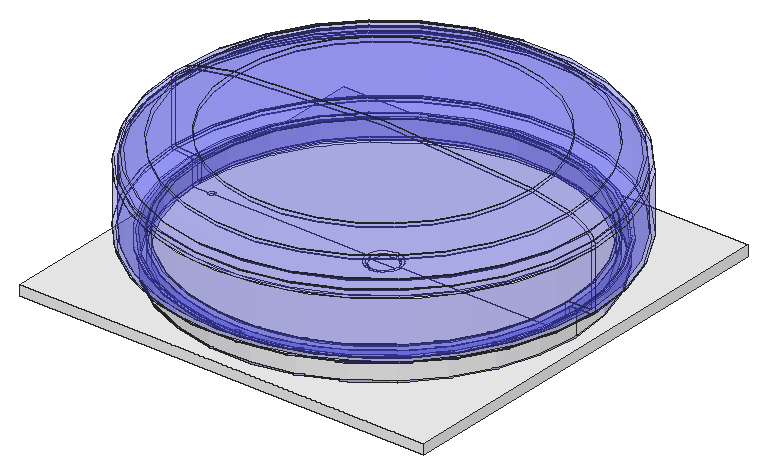
Revit family "BE_50033_de_DE", category Leuchten, Revit 2020
Family settings
  Basisbauteil = Fläche
  Bemaßung runder Anschluss = Durchmesser verwenden
  Teiletyp = Normal
  Beim Laden mit Abzugskörper schneiden = Ja
  Lichtquelle = Ja
  Gemeinsam genutzt = Nein
  Raumberechnungspunkt = Ja
Parameters (values of type "BEGA_50033_K3")
  built-in parameter 1150104 = 12.077 (stored number, unit not read)
  Wattage = 28.1 W
  Default Elevation = 0 mm
  built-in parameter 1150113 = 1 (stored number, unit not read)
  built-in parameter 1114218 = 1 (stored number, unit not read)
  Umgebungstemperatur = "25 °C"
  URL = "https://www.bega.com/de/produkt/50033"
  Typenkommentare = "© 2022 BEGA. Wir behalten uns das Recht vor, technische Änderungen ohne vorherige Ankündigung vorzunehmen."  # constant formula
  built-in parameter 1150134 = (empty or 0)
  built-in parameter 1150109 = 1 (stored number, unit not read)
  Strom = ""
  built-in parameter 1150110 = 1 (stored number, unit not read)
  Spannung = 239.996 V
  Sonderanfertigung = no
  Seriennummer [instance] = "Hier können Sie die eindeutige Seriennummer für das Facility Management eintragen."
  Schutzklasse = "I"
  Schutzart = "IP 20"
  Scheinlast = 0 VA
  Produktdatenblatt = "http://www.bega.de/download/Xrfa/db/50033.db.de.pdf"
  Oberflächentemperatur = ""
  Neigungswinkel = 0.00°
  Model = "50033K2"
  Material_17 = BEGA_Reflektor
  Material_15 = BEGA_Leuchtmedium_matt
  Material_11 = BEGA_Glas_opal
  Material_09 = BEGA_Glas_klar
  Material_06 = BEGA_Oberfläche_Edelstahl_gebürstet
  Material_03 = BEGA_Oberfläche_Weiss_matt
  Material_02 = BEGA_Oberfläche_Silber_matt
  Material_01 [instance] = BEGA_Oberfläche_Grafit_matt
  M_W = no
  M_G = no
  M_A = no
  Logo = 0
  built-in parameter 1114217 = 1 (stored number, unit not read)
  built-in parameter 1150139 = (empty or 0)
  built-in parameter 1150105 = 773.29 (stored number, unit not read)
  built-in parameter 1150114 = 1 (stored number, unit not read)
  Lumens = 3653 lm
  built-in parameter 1150115 = 1 (stored number, unit not read)
  Leuchtenlichtstrom = "2396 lm"
  Leuchtenanzahl = ""
  Lebensdauerkriterien = "L70B50 @ 25 °C = 302000 h"
  Lastklassifizierung = Beleuchtung
  built-in parameter 1150112 = 1 (stored number, unit not read)
  Lampenlichtstrom = "3655 lm"
  Lamp = "LED 28.1 W"
  LED_Modulbezeichnung = "LED-0630/927"
  Hersteller = "BEGA"  # constant formula
  Halbstreuwinkel = ""
  Gewicht = "4.6 kg"
  Gebrauchslageneinschränkung [instance] = ""
  Frequenz = "0/50-60 Hz"
  Farbwiedergabeindex = "CRI > 90"
  Farbtemperaturverschiebung bei Dämpfen der Lampe = <Keine Auswahl>
  Farbtemperatur = "2700 K"
  Color Filter = 16777215
  built-in parameter 1150133 = 10 (stored number, unit not read)
  Energieeffizienzklasse = "LED A++ - A"
  built-in parameter 1150137 = (empty or 0)
  built-in parameter 1150132 = (empty or 0)
  ENEC = "ja"
  Dimmbar [instance] = ""
  Photometric Web File = "BE_50033K2.IES"
  CE_Konformität = "ja"
  Bestellnummer = "50033K2"
  Beschreibung_Sonderanfertigung = "Hier können Sie Informationen zur Sonderanfertigung eintragen."
  Beschreibung = "Decken- und Wandleuchte"
  built-in parameter 1150106 = 7.7329 (stored number, unit not read)
  Befestigungsbohrung = "Ø 6 mm"
  Befestigungsabstand = "340 mm"
  Ballwurfsicher = ""
  BEGA_Intern_aus = yes
  BEGA_Intern_an = yes
  BEGA_Intern_Konstruktion = yes
  BEGA_Intern = yes
  BEGA_IES = yes
  BEGA_Dummy = no
  Anschlussleitung = ""
  Anschlussleistung [instance] = "32.5 W"
  Anschlusskasten = ""
  built-in parameter 1150107 = 2700 (stored number, unit not read)
  built-in parameter 1150102 = (empty or 0)
  built-in parameter 1150138 = (empty or 0)
  Aktualisierung = "2020-05-11T04:00:10"
  Abstand_zur_angestrahlten_Fläche [instance] = ""
  AC/DC = "AC/DC"
Types (3, lengths in mm): name | built-in parameter 1150104 | built-in parameter 1150134 | Model | built-in parameter 1150105 | Lumens | Leuchtenlichtstrom | Lampenlichtstrom | LED_Modulbezeichnung | Farbwiedergabeindex | Farbtemperatur | Photometric Web File | Bestellnummer | built-in parameter 1150106 | built-in parameter 1150107
  BEGA_50033_K3 | 12.18 (stored number, unit not read) | (empty or 0) | "50033K3" | 779.93 (stored number, unit not read) | 3683.91 lm | "2822 lm" | "4309 lm" | "LED-0630/930" | "CRI > 90" | "3000 K" | "BE_50033K3.IES" | "50033K3" | 7.7993 (stored number, unit not read) | 3000 (stored number, unit not read)
  BEGA_50033_K4 | 12.635 (stored number, unit not read) | 12 | "50033K4" | 304.11 (stored number, unit not read) | 3821.6 lm | "2937 lm" | "4480 lm" | "LED-0630/940" | "CRI > 80" | "4000 K" | "BE_50033K4.IES" | "50033K4" | 3.0411 (stored number, unit not read) | 4000 (stored number, unit not read)
  BEGA_50033_K27 | 12.635 (stored number, unit not read) | 12 | "50033K27" | 304.11 (stored number, unit not read) | 3821.6 lm | "2730 lm" | "4165 lm" | "LED-0630/927" | "CRI > 90" | "2700 K" | "BE_50033K27.IES" | "50033K27" | 3.0411 (stored number, unit not read) | 4000 (stored number, unit not read)
Reference planes
  plane 1 "Mitte (Vorne/Hinten)": y = 0
  plane 2: z = 0
  plane 3 "Mitte (Links/Rechts)": x = 0
  plane 4 "Links": x = -210
  plane 5 "Rechts": x = 210
  plane 6 "Unten": y = -210
  plane 7 "Oben": y = 210
  plane 8 "Vorne": z = 127.8
  plane 9 "Hinten": z = 0
Forms (mm)
  Extrusion 1, solid, material "BEGA_Platte_Weiss"
    sketch origin (0, -1119.2, 0) x (1, 0, 0) y (0, 1, 0)
      loop
        line (-200, 1319.2) -> (-200, 919.2) -> (200, 919.2) -> (200, 1319.2) -> (-200, 1319.2)
    from 0 to -10
  Extrusion 2, solid, material "BEGA_Dummy_matt", visible <- "BEGA_Dummy"
    sketch origin (77.149, -76.023, 0) x (1, 0, 0) y (0, 1, 0)
      loop
        circle (-77.149, 76.023) r 210
    from 0 to 127.8
Dimensions and locks
  plane 1 "Mitte (Vorne/Hinten)" to Extrusion 1 = 200 mm
  aligned and locked: plane 2 to Extrusion 1
  aligned and locked: level to Extrusion 1
Nested families
  nested 1: "BE_50033" at (0, 0, 0) x (0, -1, 0) z (0, 0, 1), type "BE_50033"
Connectors
  electrical at (0, 0, 0), driven by "Lastklassifizierung", driven by "Spannung", driven by "Scheinlast"
    settings: index 1, voltage 239.996 V, apparent load 0 VA, apparent load phase1 0 VA, apparent load phase2 0 VA, apparent load phase3 0 VA, power factor 1, load classification "Beleuchtung", number of poles 1, system type 31, power factor state 1, is connector primary yes, connector utility no, sub classification motor no, connector description ""
Definition of nested family "BE_50033"
  Parameters (values of type "BE_50033")
    Default Elevation = 1 mm
    URL = "http://www.bega.de/de/produkt"
    Type Comments = "© 2015 BEGA. Wir behalten uns das Recht vor, technische Änderungen ohne vorherige Ankündigung vorzunehmen. "  # constant formula
    Type Image = (empty or 0)
    Neigungswinkel_um_Z2 = 0.00°
    Neigungswinkel_um_Z1 = 0.00°
    Neigungswinkel_um_Y2 = 0.00°
    Neigungswinkel_um_Y1 = 0.00°
    Neigungswinkel_um_X2 = 0.00°
    Neigungswinkel_um_X1 = 0.00°
    Material_17 = none
    Material_15 = none
    Material_11 = none
    Material_09 = none
    Material_06 = none
    Material_05 = none
    Material_03 = none
    Material_02 = none
    Material_01 = none
    M_W = yes
    M_G = yes
    M_A = yes
    Länge_Platte = 600 mm  # constant formula
    Höhe_Platte = -10 mm  # constant formula
    Manufacturer = "BEGA"  # constant formula
    Drehwinkel_um_Z2 = 0.00°
    Drehwinkel_um_Z1 = 0.00°
    Breite_Platte = 600 mm  # constant formula
  Reference planes
    plane 1 "Mitte (Oben/Unten)": y = 0
    plane 2: z = 0
    plane 3 "Mitte (Links/Rechts)": x = 0
    plane 4: y = 210
    plane 5: z = 127.8
    plane 6: y = -210
    plane 7: x = -210
    plane 8: x = 210
  Forms (mm)
    Extrusion 1, solid, detail levels medium
      sketch origin (0, 0, 0) x (1, 0, 0) y (0, 1, 0)
        loop
          line (-300, 300) -> (-300, -300) -> (300, -300) -> (300, 300) -> (-300, 300)
      from 0 to -10 <- "Höhe_Platte"
    Revolve 2, solid, material <- "Material_03", detail levels medium+fine
      sketch origin (0, 0, 0) x (0, 1, 0) y (0, 0, 1)
        loop
          arc (16.416, 3.3) -> (15.11, 2.929) -> (14.191, 1.93) r 2.5
          arc (14.191, 1.93) -> (13.639, 1.325) -> (12.852, 1.1) r 1.5
          line (12.852, 1.1) -> (0.002, 1.1) -> (0.002, 0.1) -> (13.076, 0.1)
          arc (13.076, 0.1) -> (14.387, 0.471) -> (15.313, 1.475) r 2.5
          arc (15.313, 1.475) -> (15.866, 2.077) -> (16.653, 2.3) r 1.5
          line (16.653, 2.3) -> (188.667, 2.3)
          arc (188.667, 2.3) -> (190.064, 2.868) -> (190.667, 4.25) r 2
          line (190.667, 4.25) -> (191.038, 25.509)
          arc (191.038, 25.509) -> (191.277, 26.071) -> (191.842, 26.3) r 0.8
          line (191.842, 26.3) -> (194, 26.3) -> (194, 27.3) -> (191.844, 27.3)
          arc (191.844, 27.3) -> (190.578, 26.786) -> (190.038, 25.531) r 1.8
          line (190.038, 25.531) -> (189.667, 4.275)
          arc (189.667, 4.275) -> (189.365, 3.584) -> (188.667, 3.3) r 1
          line (188.667, 3.3) -> (16.416, 3.3)
        axis (0.002, 0.1) -> (0.002, 27.3)
      angle from 0 to 360
    Revolve 3, solid, material <- "Material_03", detail levels medium+fine
      sketch origin (87.5, 0, 0) x (0, 1, 0) y (0, 0, 1)
        loop
          line (151.554, 0) -> (151.554, 2.691) -> (145.799, 2.691)
          arc (145.799, 2.691) -> (148.377, 0.706) -> (151.554, 0) r 7.5
        axis (151.554, 2.691) -> (151.554, 0)
      angle from 0 to 360
    Extrusion 4, void
      sketch origin (0, 0, 0) x (1, 0, 0) y (0, 1, 0)
        loop
          circle (163, 18) r 8.5
        loop
          circle (163, -18) r 8.5
        loop
          circle (0, 170) r 3
        loop
          circle (0, -170) r 3
      from 0 to 7.205
    Revolve 5, solid, material <- "Material_11", detail levels medium+fine
      sketch origin (0, 0, 0) x (0, 1, 0) y (0, 0, 1)
        loop
          arc (185.037, 111.947) -> (166.501, 116.443) -> (147.656, 119.387) r 230
          arc (147.656, 119.387) -> (73.948, 125.695) -> (0, 127.8) r 1299.91
          line (0, 127.8) -> (0, 123.8)
          arc (0, 123.8) -> (73.763, 121.699) -> (147.287, 115.403) r 1295.91
          arc (147.287, 115.403) -> (165.775, 112.509) -> (183.961, 108.094) r 226
          arc (183.961, 108.094) -> (193.162, 104.323) -> (201.339, 98.662) r 46
          arc (201.339, 98.662) -> (203.744, 95.883) -> (205.275, 92.542) r 13
          arc (205.275, 92.542) -> (205.818, 90.189) -> (206, 87.78) r 16
          line (206, 87.78) -> (206, 32.958) -> (182.901, 31.748)
          arc (182.901, 31.748) -> (180.841, 30.798) -> (180, 28.691) r 3.061
          line (180, 28.691) -> (180, 10.3) -> (184, 10.3) -> (184, 26.851)
          arc (184, 26.851) -> (184.275, 27.539) -> (184.948, 27.85) r 1
          line (184.948, 27.85) -> (207.172, 29.014)
          arc (207.172, 29.014) -> (209.181, 29.95) -> (210, 32.009) r 3
          line (210, 32.009) -> (210, 87.839)
          arc (210, 87.839) -> (209.678, 91.376) -> (208.735, 94.8) r 20
          arc (208.735, 94.8) -> (206.78, 98.538) -> (203.964, 101.679) r 17
          arc (203.964, 101.679) -> (195.06, 107.844) -> (185.037, 111.947) r 50
        axis (0, 127.8) -> (0, 10.3)
      angle from 0 to 360
    Revolve 6, solid, material <- "Material_03", detail levels medium+fine
      sketch origin (-43.75, -75.777, 0) x (0.866025, -0.5, 0) y (0, 0, 1)
        loop
          line (151.554, 0) -> (151.554, 2.691) -> (145.799, 2.691)
          arc (145.799, 2.691) -> (148.377, 0.706) -> (151.554, 0) r 7.5
        axis (151.554, 2.691) -> (151.554, 0)
      angle from 0 to 360
    Revolve 7, solid, material <- "Material_03", detail levels medium+fine
      sketch origin (-43.75, 75.777, 0) x (-0.866025, -0.5, 0) y (0, 0, 1)
        loop
          line (151.554, 0) -> (151.554, 2.691) -> (145.799, 2.691)
          arc (145.799, 2.691) -> (148.377, 0.706) -> (151.554, 0) r 7.5
        axis (151.554, 2.691) -> (151.554, 0)
      angle from 0 to 360
  Cuts and joins
    Extrusion 4 cuts Revolve 2
    Extrusion 4 cuts Revolve 3
    joined: Revolve 2, Revolve 3, Revolve 6, Revolve 7
  Dimensions and locks
    equal spacing: Extrusion 1 sketch curve, plane 3 "Mitte (Links/Rechts)", Extrusion 1 sketch curve
    equal spacing: Extrusion 1 sketch curve, plane 1 "Mitte (Oben/Unten)", Extrusion 1 sketch curve
    "Länge_Platte": Extrusion 1 sketch curve to Extrusion 1 sketch curve
    "Breite_Platte": Extrusion 1 sketch curve to Extrusion 1 sketch curve
    aligned and locked: Extrusion 1 to plane 2
    aligned and locked: level to Extrusion 1
  Automatic sketch dimensions
    Revolve 2 sketch curve to Revolve 2 sketch curve = 0 mm  (x14)
    level to Revolve 2 sketch curve = 2.6 mm
    Revolve 2 sketch curve to plane 1 "Mitte (Oben/Unten)" = 12.849 mm
    Revolve 2 sketch curve to Revolve 2 sketch curve = 0.003 mm
    Revolve 2 sketch curve to Revolve 2 sketch curve = 0.227 mm
    Revolve 2 sketch curve to Revolve 2 sketch curve = 3.34 mm
    level to Revolve 2 sketch curve = 0.8 mm
    Revolve 2 sketch curve to Revolve 2 sketch curve = 0.005 mm
    Revolve 2 sketch curve to Revolve 2 sketch curve = 0.236 mm
    level to Revolve 2 sketch curve = 3.3 mm
    level to Revolve 2 sketch curve = 4.275 mm
    Revolve 2 sketch curve to Revolve 2 sketch curve = 1 mm  (x6)
    level to Revolve 2 sketch curve = 4.25 mm
    Revolve 2 sketch curve to Revolve 2 sketch curve = 0.8 mm
    Revolve 2 sketch curve to Revolve 2 sketch curve = 0.004 mm  (x2)
    Revolve 2 sketch curve to Revolve 2 sketch curve = 0.002 mm
    Revolve 2 sketch curve to Revolve 2 sketch curve = 2.158 mm
    level to Revolve 2 sketch curve = 0.1 mm
    Revolve 2 sketch curve to Revolve 2 sketch curve = 21.25 mm
    Revolve 2 sketch curve to Revolve 2 sketch curve = 0.009 mm
    Revolve 2 sketch curve to plane 1 "Mitte (Oben/Unten)" = 0.002 mm
    Revolve 2 sketch curve to Revolve 2 sketch curve = 1.118 mm
    Revolve 3 sketch curve to Revolve 3 sketch curve = 0 mm  (x3)
    Revolve 3 sketch curve to Revolve 3 sketch curve = 4.809 mm
    Revolve 3 sketch curve to Revolve 3 sketch curve = 2.309 mm
    Revolve 3 sketch curve to Revolve 3 sketch curve = 5.756 mm
    Revolve 6 sketch curve to Revolve 6 sketch curve = 0 mm  (x3)
    Revolve 6 sketch curve to Revolve 6 sketch curve = 4.809 mm
    Revolve 6 sketch curve to Revolve 6 sketch curve = 2.309 mm
    Revolve 6 sketch curve to Revolve 6 sketch curve = 5.756 mm
    Revolve 7 sketch curve to Revolve 7 sketch curve = 0 mm  (x3)
    Revolve 7 sketch curve to Revolve 7 sketch curve = 4.809 mm
    Revolve 7 sketch curve to Revolve 7 sketch curve = 2.309 mm
    Revolve 7 sketch curve to Revolve 7 sketch curve = 5.756 mm
    Revolve 3 sketch curve to level = 0 mm
    Revolve 6 sketch curve to level = 0 mm
    level to Revolve 7 sketch curve = 0 mm
    plane 1 "Mitte (Oben/Unten)" to Extrusion 4 sketch curve = 18 mm
    Extrusion 4 sketch curve to plane 1 "Mitte (Oben/Unten)" = 18 mm
    Revolve 5 sketch curve to Revolve 5 sketch curve = 0 mm  (x18)
    plane 1 "Mitte (Oben/Unten)" to Revolve 5 sketch curve = 0 mm
    Revolve 5 sketch curve to plane 1 "Mitte (Oben/Unten)" = 0.006 mm
    Revolve 5 sketch curve to Revolve 5 sketch curve = 2.901 mm
    Revolve 5 sketch curve to Revolve 5 sketch curve = 3.061 mm
    Revolve 5 sketch curve to Revolve 5 sketch curve = 4 mm  (x3)
    Revolve 5 sketch curve to Revolve 5 sketch curve = 1 mm  (x2)
    Revolve 5 sketch curve to Revolve 5 sketch curve = 2.81 mm
    Revolve 5 sketch curve to Revolve 5 sketch curve = 13.19 mm
    Revolve 5 sketch curve to Revolve 5 sketch curve = 0.172 mm
    Revolve 5 sketch curve to level = 1172.111 mm
    Revolve 5 sketch curve to level = 109.132 mm
    level to Revolve 5 sketch curve = 10.3 mm
    Revolve 5 sketch curve to Revolve 5 sketch curve = 16.551 mm
    Revolve 5 sketch curve to Revolve 5 sketch curve = 1.84 mm
    Revolve 5 sketch curve to Revolve 5 sketch curve = 2.163 mm
    Revolve 5 sketch curve to Revolve 5 sketch curve = 2.995 mm
    Revolve 5 sketch curve to Revolve 5 sketch curve = 0.949 mm
    Revolve 5 sketch curve to Revolve 5 sketch curve = 32.146 mm
    Revolve 5 sketch curve to Revolve 5 sketch curve = 0.02 mm
    Revolve 5 sketch curve to Revolve 5 sketch curve = 0.059 mm
    Revolve 5 sketch curve to Revolve 5 sketch curve = 1.05 mm
    Revolve 5 sketch curve to Revolve 5 sketch curve = 0.369 mm
    Revolve 5 sketch curve to Revolve 5 sketch curve = 6.039 mm
    Revolve 5 sketch curve to Revolve 5 sketch curve = 0.052 mm
    Revolve 5 sketch curve to Revolve 5 sketch curve = 2.626 mm
    Revolve 5 sketch curve to Revolve 5 sketch curve = 3.46 mm
    Revolve 5 sketch curve to Revolve 5 sketch curve = 23.886 mm
    level to Revolve 5 sketch curve = 123.8 mm
    Revolve 5 sketch curve to Revolve 5 sketch curve = 1.076 mm
    Revolve 5 sketch curve to Revolve 5 sketch curve = 4.661 mm
    Revolve 5 sketch curve to Revolve 5 sketch curve = 0.725 mm
    Revolve 5 sketch curve to Revolve 5 sketch curve = 6.968 mm
    Revolve 2 sketch curve to Revolve 2 sketch curve = 172.015 mm
    Revolve 2 sketch curve to Revolve 2 sketch curve = 0.371 mm
    Revolve 3 sketch curve to plane 1 "Mitte (Oben/Unten)" = 145.799 mm
    Revolve 5 sketch curve to plane 1 "Mitte (Oben/Unten)" = 121.603 mm
    Revolve 5 sketch curve to plane 1 "Mitte (Oben/Unten)" = 171.218 mm
    Revolve 5 sketch curve to Revolve 5 sketch curve = 8.782 mm
    Revolve 5 sketch curve to Revolve 5 sketch curve = 18.782 mm
    Revolve 5 sketch curve to Revolve 5 sketch curve = 36.674 mm
    Extrusion 4 sketch curve to plane 3 "Mitte (Links/Rechts)" = 0 mm  (x2)
    plane 3 "Mitte (Links/Rechts)" to Extrusion 4 sketch curve = 163 mm
    Extrusion 4 sketch curve to Extrusion 4 sketch curve = 0 mm
    plane 6 to Extrusion 4 sketch curve = 40 mm
    plane 4 to Extrusion 4 sketch curve = 40 mm
    radius of Extrusion 4 sketch curve = 8.5 mm  (x2)
    radius of Extrusion 4 sketch curve = 3 mm  (x2)
